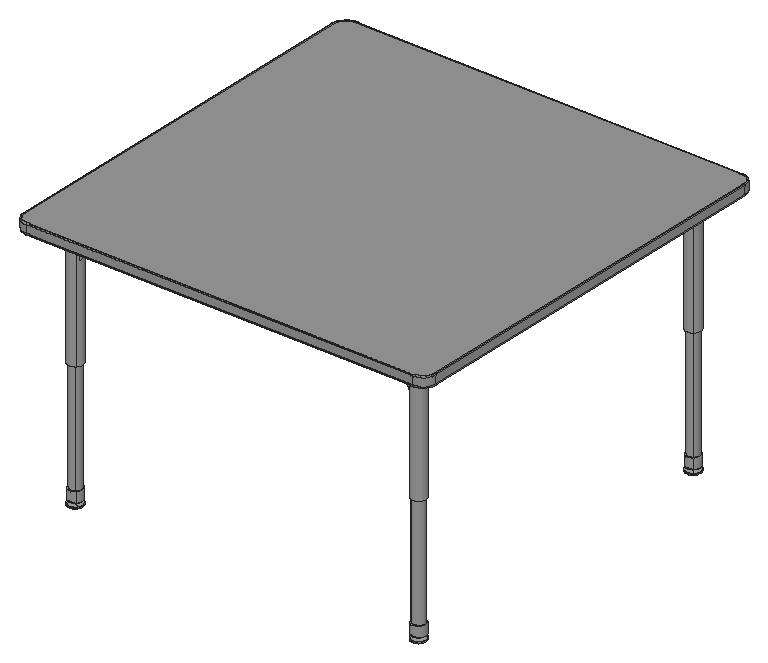
Revit family "Hierarchy Activity 48in Square Table", category Furniture, Revit 2018
Family settings
  Work Plane-Based = No
  Always vertical = Yes
  Cut with Voids When Loaded = No
  Shared = No
  Room Calculation Point = No
Parameters
  Table Height = 2' - 5"
  Surface = Hierarchy Activity 48" Square Table Surface
  Leg Finish = Hierarchy Leg Platinum
  Edgeband = Hierarchy Activity 48" Square Table Edgeband
  Caster/Glide = Hierarchy Leg - Glide : Hierarchy Leg - Glide
Reference planes (in)
  plane 1 "Center (Front/Back)": y = 0
  plane 2: z = 0
  plane 3 "Center (Left/Right)": x = 0
  plane 4: z = 29
Dimensions and locks (in)
  "Table Height": plane 4 to level
  aligned and locked: plane 2 to level
  aligned and locked: nested 1 to plane 4
Nested families (in)
  nested 1: "Activity 48x48 Tabletop" at (0, 0, 5.075), type "Activity 48x48 Tabletop"
  nested 2: "Hierarchy Leg - Glide" at (-20, 20, 0) x (0.7071, 0.7071, 0) z (0, 0, 1), type <- "Caster/Glide", Leg Finish <- "Leg Finish", Leg Height <- "Table Height", type "Hierarchy Leg - Glide"
  nested 3: "Hierarchy Leg - Glide" at (-20, -20, 0) x (-0.7071, 0.7071, 0) z (0, 0, 1), type <- "Caster/Glide", Leg Finish <- "Leg Finish", Leg Height <- "Table Height", type "Hierarchy Leg - Glide"
  nested 4: "Hierarchy Leg - Glide" at (20, -20, 0) x (-0.7071, -0.7071, 0) z (0, 0, 1), Leg Finish <- "Leg Finish", Leg Height <- "Table Height", type "Hierarchy Leg - Glide"
    with Leg Height 2' - 5", Leg Finish Hierarchy Leg Platinum
  nested 5: "Hierarchy Leg - Glide" at (20, 20, 0) x (0.7071, -0.7071, 0) z (0, 0, 1), Leg Finish <- "Leg Finish", Leg Height <- "Table Height", type "Hierarchy Leg - Glide"
    with Leg Height 2' - 5", Leg Finish Hierarchy Leg Platinum
Definition of nested family "Activity 48x48 Tabletop"
  Parameters (values of type "Activity 48x48 Tabletop")
    Surface = none
    Edgeband = none
  Reference planes (in)
    plane 1 "Center (Front/Back)": y = 0
    plane 2: z = 0
    plane 3 "Center (Left/Right)": x = 0
  Forms (in)
    Extrusion 1, solid, material <- "Surface"
      sketch origin (0, 3, 0) x (1, 0, 0) y (0, 1, 0)
        loop
          line (22.5, 20.88281) -> (-22.5, 20.88281)
          arc (-22.5, 20.88281) -> (-23.47714, 20.47807) -> (-23.88189, 19.50092) r 1.38189
          line (-23.88189, 19.50092) -> (-23.88189, -25.50092)
          arc (-23.88189, -25.50092) -> (-23.47714, -26.47807) -> (-22.5, -26.88281) r 1.38189
          line (-22.5, -26.88281) -> (22.5, -26.88281)
          arc (22.5, -26.88281) -> (23.47714, -26.47807) -> (23.88189, -25.50092) r 1.38189
          line (23.88189, -25.50092) -> (23.88189, 19.50092)
          arc (23.88189, 19.50092) -> (23.47714, 20.47807) -> (22.5, 20.88281) r 1.38189
      from 23.925 to 25.125
    Sweep 2, solid, material <- "Edgeband"
      path origin (0, 3, 0) x (1, 0, 0) y (0, 1, 0)
        loop
          line (22.5, 20.88281) -> (-22.5, 20.88281)
          arc (-22.5, 20.88281) -> (-23.47714, 20.47807) -> (-23.88189, 19.50092) r 1.38189
          line (-23.88189, 19.50092) -> (-23.88189, -25.50092)
          arc (-23.88189, -25.50092) -> (-23.47714, -26.47807) -> (-22.5, -26.88281) r 1.38189
          line (-22.5, -26.88281) -> (22.5, -26.88281)
          arc (22.5, -26.88281) -> (23.47714, -26.47807) -> (23.88189, -25.50092) r 1.38189
          line (23.88189, -25.50092) -> (23.88189, 19.50092)
          arc (23.88189, 19.50092) -> (23.47714, 20.47807) -> (22.5, 20.88281) r 1.38189
      profile origin (0, 23.88281, 0) x (0, -1, 0) y (0, 0, 1)
        loop
          arc (-0.11811, 24.04311) -> (-0.08352, 23.95959) -> (0, 23.925) r 0.11811
          line (0, 23.925) -> (0, 25.125)
          arc (0, 25.125) -> (-0.08352, 25.09041) -> (-0.11811, 25.00689) r 0.11811
          line (-0.11811, 25.00689) -> (-0.11811, 24.04311)
  Dimensions and locks (in)
    aligned and locked: plane 2 to level
Definition of nested family "Hierarchy Leg - Glide"
  Parameters (values of type "Hierarchy Leg - Glide")
    Leg Finish [instance] = none
    Leg Height [instance] = 2' - 5"
  Reference planes (in)
    plane 1 "Center (Front/Back)": y = 0
    plane 2: z = 0
    plane 3 "Center (Left/Right)": x = 0
  Forms (in)
    Extrusion 1, solid
      sketch origin (-0.01562, 0, 0) x (1, 0, 0) y (0, 1, 0)
        loop
          circle (0.01563, 0) r 0.67016
      from 0.67618 to 16.17618
    Revolve 2, solid
      sketch origin (0, 0, 0) x (1, 0, 0) y (0, 0, 1)
        loop
          line (-0.73189, 1.80118) -> (-0.79439, 1.73867) -> (-0.79439, 0.61381) -> (-0.73176, 0.55118) -> (-0.125, 0.55118) -> (-0.125, 0.42618) -> (-0.84656, 0.16241) -> (-0.84656, 0.08994) -> (-0.81359, 0) -> (0, 0) -> (0, 1.80118) -> (-0.73189, 1.80118)
        axis (0, 1.80118) -> (0, 0)
      angle from 0 to 360
  Dimensions and locks (in)
    "Leg Height": nested 1 to level
    aligned and locked: plane 2 to level
  Automatic sketch dimensions
    plane 1 "Center (Front/Back)" to Extrusion 1 sketch curve = 0' - 0"
    Extrusion 1 sketch curve to plane 3 "Center (Left/Right)" = 0' - 0"
    Revolve 2 sketch curve to level = 0' - 0"
    Revolve 2 sketch curve to plane 3 "Center (Left/Right)" = 0' - 0"  (x2)
    Revolve 2 sketch curve to plane 3 "Center (Left/Right)" = 0' - 0 1/8"
    Revolve 2 sketch curve to Revolve 2 sketch curve = 0' - 0.60676"
    Revolve 2 sketch curve to Revolve 2 sketch curve = 0' - 0.73189"
    Revolve 2 sketch curve to Revolve 2 sketch curve = 0' - 0.06263"  (x2)
    Revolve 2 sketch curve to Revolve 2 sketch curve = 0' - 0.08183"
    Revolve 2 sketch curve to Revolve 2 sketch curve = 0' - 0.03297"
    level to Revolve 2 sketch curve = 0' - 0.08994"
    Revolve 2 sketch curve to Revolve 2 sketch curve = 0' - 0.07247"
    level to Revolve 2 sketch curve = 0' - 0.42618"
    Revolve 2 sketch curve to Revolve 2 sketch curve = 0' - 0 1/8"
    Revolve 2 sketch curve to Revolve 2 sketch curve = 0' - 1.12486"
    Revolve 2 sketch curve to Revolve 2 sketch curve = 0' - 0 1/16"
    Revolve 2 sketch curve to level = 2' - 0"
    Revolve 2 sketch curve to Revolve 2 sketch curve = 8' - 4.91764"
    radius of Extrusion 1 sketch curve = 0' - 0.67016"
  Nested families (in)
    nested 1: "Hierarchy Upper Leg 2023" at (0, 0, 1.19783), Shapes Leg Finish <- "Leg Finish", type "Hierarchy Upper Leg 2023"
      with Shapes Leg Finish none
  Definition of nested family "Hierarchy Upper Leg 2023"
    Parameters (values of type "Hierarchy Upper Leg 2023")
      Shapes Leg Finish [instance] = none
    Reference planes (in)
      plane 1 "Center (Front/Back)": y = 0
      plane 2: z = 0
      plane 3 "Center (Left/Right)": x = 0
    Forms (in)
      Extrusion 1, solid, material <- "Shapes Leg Finish"
        sketch origin (0, 0, 0) x (1, 0, 0) y (0, 1, 0)
          loop
            circle (0, 0) r 0.84802
        from 13.67618 to 27.67618
      Extrusion 2, solid, material <- "Shapes Leg Finish"
        sketch origin (0, 0, 0) x (1, 0, 0) y (0, 1, 0)
          loop
            line (-1.70174, 0.19183) -> (-2.88626, -2.26116)
            arc (-2.88626, -2.26116) -> (-2.83993, -3.09822) -> (-2.1063, -3.50394) r 0.86614
            line (-2.1063, -3.50394) -> (2.1063, -3.50394)
            arc (2.1063, -3.50394) -> (2.83993, -3.09822) -> (2.88626, -2.26116) r 0.86614
            line (2.88626, -2.26116) -> (1.70174, 0.19183)
            arc (1.70174, 0.19183) -> (0, 1.25984) -> (-1.70174, 0.19183) r 1.88976
        from 27.67618 to 27.80217
      Extrusion 3, solid, material <- "Shapes Leg Finish"
        sketch origin (-1.48519, 8.66524, 0) x (-0.434844, 0.900506, 0) y (0, 0, 1)
          loop
            line (-9.01425, 27.67618) -> (-11.80952, 27.67618)
            arc (-11.80952, 27.67618) -> (-11.92325, 27.58993) -> (-11.87088, 27.45715) r 0.11811
            arc (-11.87088, 27.45715) -> (-10.39364, 26.29679) -> (-9.23328, 24.81955) r 7.87402
            arc (-9.23328, 24.81955) -> (-9.1005, 24.76717) -> (-9.01425, 24.88091) r 0.11811
            line (-9.01425, 24.88091) -> (-9.01425, 27.67618)
        from -1.94075 to -1.81476
      Extrusion 4, solid, material <- "Shapes Leg Finish"
        sketch origin (1.48519, 8.66524, 0) x (0.434844, 0.900506, 0) y (0, 0, -1)
          loop
            line (-9.01425, -27.67618) -> (-9.01425, -24.88091)
            arc (-9.01425, -24.88091) -> (-9.1005, -24.76717) -> (-9.23328, -24.81955) r 0.11811
            arc (-9.23328, -24.81955) -> (-10.39364, -26.29679) -> (-11.87088, -27.45715) r 7.87402
            arc (-11.87088, -27.45715) -> (-11.92325, -27.58993) -> (-11.80952, -27.67618) r 0.11811
            line (-11.80952, -27.67618) -> (-9.01425, -27.67618)
        from -1.94075 to -1.81476
    Dimensions and locks (in)
      aligned and locked: plane 2 to level
